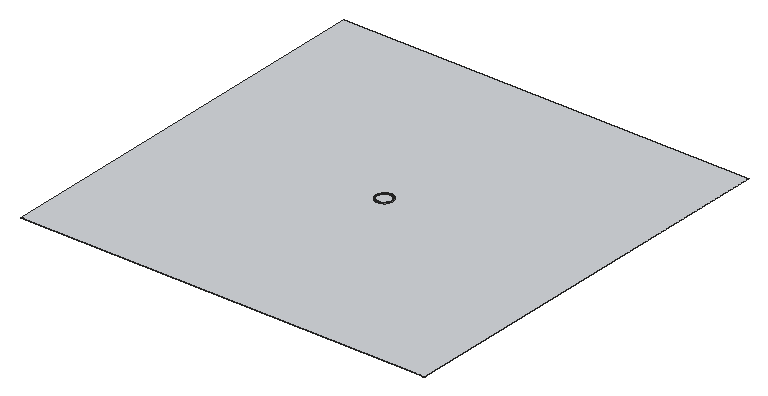
Revit family "LAMP_KOMBIC 100 ROUND IP40 CRI80 OPTIC", category Luminarias, Revit 2018
Family settings
  Anfitrión = Cara
  Cota de conector redondo = Diámetro de uso
  Tipo de pieza = Normal
  Corte con vacíos al cargar = No
  Origen de luz = Sí
  Compartido = No
  Punto de cálculo de habitación = No
Parameters (values of type "1205LM 3000K  BK/BK")
  Ángulo de inclinación = -90.00°
  Weight = 0.382 kg
  Wattage = 13.7 W
  UGR = "17"
  Type = "COB PHILIPS"
  built-in parameter 1150107 = 3000 (stored number, unit not read)
  Recessed diameter = 95 mm
  built-in parameter 1150110 = 1 (stored number, unit not read)
  built-in parameter 1150109 = 1 (stored number, unit not read)
  built-in parameter 1150112 = 1 (stored number, unit not read)
  built-in parameter 1150113 = 1 (stored number, unit not read)
  built-in parameter 1114218 = 1 (stored number, unit not read)
  Protection rating = "IP40"
  Product datasheet = "http://www.lamp.es/product-files/TECH/K11RD2040WF830NBB-EN.pdf"
  Product code = "K11RD2040WF830NBB"
  Product URL = "https://www.lamp.es/en/family/kombic-downlight_33313"
  Power Supply = "220-240V 50/60Hz"
  Power = 12 W
  Plum = 13.7 W
  built-in parameter 1150137 = (empty or 0)
  built-in parameter 1150132 = 2
  Modelo = Product code  # "K11RD2040WF830NBB"
  Material reflector = LAMP_PC Reflector Kombic Metalizado Negro
  Material optica = LAMP_PMMA Optica Kombic100
  Material disipador = LAMP_Aluminio Disipador Kombic
  Material difusor = LAMP_PMMA Difusor Kombic
  Material aro = LAMP_Plástico genérico NG
  Material COB = LAMP_COB
  Manufacturer name = "LAMP"
  Manufacturer country = "Spain"
  Manufacturer URL = "http://www.lamp.es/en"
  MacAdam = "3"
  Luminaire type = "Downlight"
  Last update = "14/07/2021"
  Lamp = "COB LED"
  LED Lifetime = "50.000 L80 B10"
  built-in parameter 1150105 = 1571.2 (stored number, unit not read)
  built-in parameter 1150102 = (empty or 0)
  Insulation class = "II"
  Installation instructions = "https://www.lamp.es/product-files/packed/by-family/33313_INS_all.zip"
  built-in parameter 1150106 = 15.712 (stored number, unit not read)
  IEE = "A+"
  Height = 75 mm
  Gear = "Electronic"
  Lumens = 1205.6 lm
  Finish = "Matte black RAL 9011"
  Color Filter = 16777215
  built-in parameter 1114217 = 1 (stored number, unit not read)
  built-in parameter 1150139 = (empty or 0)
  Fabricante = Manufacturer name  # "LAMP"
  Default Elevation = 1219.2 mm
  built-in parameter 1150104 = 8.1755 (stored number, unit not read)
  Efficacy = 88 lm/W
  Diameter = 99 mm
  built-in parameter 1150115 = 1 (stored number, unit not read)
  built-in parameter 1150114 = 1 (stored number, unit not read)
  built-in parameter 1150138 = (empty or 0)
  built-in parameter 1150134 = (empty or 0)
  Dimming Lamp Color Temperature Shift = (empty or 0)
  CRI = "80"
  Archivo de red fotométrica = "K11RD2040WF830NBB.IES"
  built-in parameter 1150133 = 10 (stored number, unit not read)
Types (16, lengths in mm): name | Wattage | UGR | built-in parameter 1150107 | Product datasheet | Product code | Power | Plum | Modelo | Material reflector | Material aro | LED Lifetime | built-in parameter 1150105 | built-in parameter 1150106 | Lumens | Finish | built-in parameter 1150104 | Efficacy | built-in parameter 1150134 | Archivo de red fotométrica
  1205LM 3000K  BK/BK | 13.7 W | "17" | 3000 (stored number, unit not read) | "http://www.lamp.es/product-files/TECH/K11RD2040WF830NBB-EN.pdf" | "K11RD2040WF830NBB" | 12 W | 13.7 W | "K11RD2040WF830NBB" | LAMP_PC Reflector Kombic Metalizado Negro | LAMP_Plástico genérico NG | "50.000 L80 B10" | 1571.2 (stored number, unit not read) | 15.712 (stored number, unit not read) | 1205.6 lm | "Matte black RAL 9011" | 8.1755 (stored number, unit not read) | 88 lm/W | (empty or 0) | "K11RD2040WF830NBB.IES"
  1205LM 3000K  BK/W | 13.7 W | "17" | 3000 (stored number, unit not read) | "http://www.lamp.es/product-files/TECH/K11RD2040WF830NBW-EN.pdf" | "K11RD2040WF830NBW" | 12 W | 13.7 W | "K11RD2040WF830NBW" | LAMP_PC Reflector Kombic Metalizado Negro | LAMP_Plástico genérico BL | "50.000 L80 B10" | 1571.2 (stored number, unit not read) | 15.712 (stored number, unit not read) | 1205.6 lm | "Shiny white RAL 9010" | 8.1755 (stored number, unit not read) | 88 lm/W | (empty or 0) | "K11RD2040WF830NBW.IES"
  1268LM 3000K  M/W | 13.7 W | "17" | 3000 (stored number, unit not read) | "http://www.lamp.es/product-files/TECH/K11RD2040WF830NMW-EN.pdf" | "K11RD2040WF830NMW" | 12 W | 13.7 W | "K11RD2040WF830NMW" | LAMP_PC Reflector Kombic Metalizado Mate | LAMP_Plástico genérico BL | "50.000 L80 B10" | 1651.6 (stored number, unit not read) | 16.516 (stored number, unit not read) | 1267.25 lm | "Shiny white RAL 9010" | 8.5935 (stored number, unit not read) | 92.5 lm/W | (empty or 0) | "K11RD2040WF830NMW.IES"
  1275LM 3000K  W/W | 13.7 W | "19" | 3000 (stored number, unit not read) | "http://www.lamp.es/product-files/TECH/K11RD2040WF830NWW-EN.pdf" | "K11RD2040WF830NWW" | 12 W | 13.7 W | "K11RD2040WF830NWW" | LAMP_PC Reflector Kombic Blanco | LAMP_Plástico genérico BL | "50.000 L80 B10" | 1662.3 (stored number, unit not read) | 16.623 (stored number, unit not read) | 1275.47 lm | "Matte white RAL 9010" | 8.6493 (stored number, unit not read) | 93.1 lm/W | (empty or 0) | "K11RD2040WF830NWW.IES"
  1277LM 4000K  BK/BK | 13.7 W | "17" | 4000 (stored number, unit not read) | "http://www.lamp.es/product-files/TECH/K11RD2040WF840NBB-EN.pdf" | "K11RD2040WF840NBB" | 12 W | 13.7 W | "K11RD2040WF840NBB" | LAMP_PC Reflector Kombic Metalizado Negro | LAMP_Plástico genérico NG | "50.000 L80 B10" | 1664.1 (stored number, unit not read) | 16.641 (stored number, unit not read) | 1276.84 lm | "Matte black RAL 9011" | 8.6586 (stored number, unit not read) | 93.2 lm/W | 12 | "K11RD2040WF840NBB.IES"
  1277LM 4000K  BK/W | 13.7 W | "17" | 4000 (stored number, unit not read) | "http://www.lamp.es/product-files/TECH/K11RD2040WF840NBW-EN.pdf" | "K11RD2040WF840NBW" | 12 W | 13.7 W | "K11RD2040WF840NBW" | LAMP_PC Reflector Kombic Metalizado Negro | LAMP_Plástico genérico BL | "50.000 L80 B10" | 1664.1 (stored number, unit not read) | 16.641 (stored number, unit not read) | 1276.84 lm | "Shiny white RAL 9010" | 8.6586 (stored number, unit not read) | 93.2 lm/W | 12 | "K11RD2040WF840NBW.IES"
  1343LM 4000K  M/W | 13.7 W | "17" | 4000 (stored number, unit not read) | "http://www.lamp.es/product-files/TECH/K11RD2040WF840NMW-EN.pdf" | "K11RD2040WF840NMW" | 12 W | 13.7 W | "K11RD2040WF840NMW" | LAMP_PC Reflector Kombic Metalizado Mate | LAMP_Plástico genérico BL | "50.000 L80 B10" | 1749.8 (stored number, unit not read) | 17.498 (stored number, unit not read) | 1342.6 lm | "Shiny white RAL 9010" | 9.1045 (stored number, unit not read) | 98 lm/W | 12 | "K11RD2040WF840NMW.IES"
  1351LM 4000K  W/W | 13.7 W | "19" | 4000 (stored number, unit not read) | "http://www.lamp.es/product-files/TECH/K11RD2040WF840NWW-EN.pdf" | "K11RD2040WF840NWW" | 12 W | 13.7 W | "K11RD2040WF840NWW" | LAMP_PC Reflector Kombic Blanco | LAMP_Plástico genérico BL | "50.000 L80 B10" | 1760.5 (stored number, unit not read) | 17.605 (stored number, unit not read) | 1350.82 lm | "Matte white RAL 9010" | 9.1602 (stored number, unit not read) | 98.6 lm/W | 12 | "K11RD2040WF840NWW.IES"
  1609LM 3000K  BK/BK | 19.8 W | "17" | 3000 (stored number, unit not read) | "http://www.lamp.es/product-files/TECH/K11RD2540WF830NBB-EN.pdf" | "K11RD2540WF830NBB" | 18 W | 19.8 W | "K11RD2540WF830NBB" | LAMP_PC Reflector Kombic Metalizado Negro | LAMP_Plástico genérico NG | "50.000 L70 B10" | 2095.4 (stored number, unit not read) | 20.954 (stored number, unit not read) | 1607.76 lm | "Matte black RAL 9011" | 7.5437 (stored number, unit not read) | 81.2 lm/W | (empty or 0) | "K11RD2540WF830NBB.IES"
  1609LM 3000K  BK/W | 19.8 W | "17" | 3000 (stored number, unit not read) | "http://www.lamp.es/product-files/TECH/K11RD2540WF830NBW-EN.pdf" | "K11RD2540WF830NBW" | 18 W | 19.8 W | "K11RD2540WF830NBW" | LAMP_PC Reflector Kombic Metalizado Negro | LAMP_Plástico genérico BL | "50.000 L70 B10" | 2095.4 (stored number, unit not read) | 20.954 (stored number, unit not read) | 1607.76 lm | "Shiny white RAL 9010" | 7.5437 (stored number, unit not read) | 81.2 lm/W | (empty or 0) | "K11RD2540WF830NBW.IES"
  1692LM 3000K  M/W | 19.8 W | "17" | 3000 (stored number, unit not read) | "http://www.lamp.es/product-files/TECH/K11RD2540WF830NMW-EN.pdf" | "K11RD2540WF830NMW" | 18 W | 19.8 W | "K11RD2540WF830NMW" | LAMP_PC Reflector Kombic Metalizado Mate | LAMP_Plástico genérico BL | "50.000 L70 B10" | 2203.7 (stored number, unit not read) | 22.037 (stored number, unit not read) | 1690.92 lm | "Shiny white RAL 9010" | 7.9339 (stored number, unit not read) | 85.4 lm/W | (empty or 0) | "K11RD2540WF830NMW.IES"
  1701LM 3000K  W/W | 19.8 W | "19" | 3000 (stored number, unit not read) | "http://www.lamp.es/product-files/TECH/K11RD2540WF830NWW-EN.pdf" | "K11RD2540WF830NWW" | 18 W | 19.8 W | "K11RD2540WF830NWW" | LAMP_PC Reflector Kombic Blanco | LAMP_Plástico genérico BL | "50.000 L70 B10" | 2216.7 (stored number, unit not read) | 22.167 (stored number, unit not read) | 1700.82 lm | "Matte white RAL 9010" | 7.9804 (stored number, unit not read) | 85.9 lm/W | (empty or 0) | "K11RD2540WF830NWW.IES"
  1704LM 4000K  BK/BK | 19.8 W | "17" | 4000 (stored number, unit not read) | "http://www.lamp.es/product-files/TECH/K11RD2540WF840NBB-EN.pdf" | "K11RD2540WF840NBB" | 18 W | 19.8 W | "K11RD2540WF840NBB" | LAMP_PC Reflector Kombic Metalizado Negro | LAMP_Plástico genérico NG | "50.000 L70 B10" | 2221.8 (stored number, unit not read) | 22.218 (stored number, unit not read) | 1704.78 lm | "Matte black RAL 9011" | 7.999 (stored number, unit not read) | 86.1 lm/W | 12 | "K11RD2540WF840NBB.IES"
  1704LM 4000K  BK/W | 19.8 W | "17" | 4000 (stored number, unit not read) | "http://www.lamp.es/product-files/TECH/K11RD2540WF840NBW-EN.pdf" | "K11RD2540WF840NBW" | 18 W | 19.8 W | "K11RD2540WF840NBW" | LAMP_PC Reflector Kombic Metalizado Negro | LAMP_Plástico genérico BL | "50.000 L70 B10" | 2221.8 (stored number, unit not read) | 22.218 (stored number, unit not read) | 1704.78 lm | "Shiny white RAL 9010" | 7.999 (stored number, unit not read) | 86.1 lm/W | 12 | "K11RD2540WF840NBW.IES"
  1792LM 4000K  M/W | 19.8 W | "17" | 4000 (stored number, unit not read) | "http://www.lamp.es/product-files/TECH/K11RD2540WF840NMW-EN.pdf" | "K11RD2540WF840NMW" | 18 W | 19.8 W | "K11RD2540WF840NMW" | LAMP_PC Reflector Kombic Metalizado Mate | LAMP_Plástico genérico BL | "50.000 L70 B10" | 2335.4 (stored number, unit not read) | 23.354 (stored number, unit not read) | 1791.9 lm | "Shiny white RAL 9010" | 8.4077 (stored number, unit not read) | 90.5 lm/W | 12 | "K11RD2540WF840NMW.IES"
  1802LM 4000K  W/W | 19.8 W | "19" | 4000 (stored number, unit not read) | "http://www.lamp.es/product-files/TECH/K11RD2540WF840NWW-EN.pdf" | "K11RD2540WF840NWW" | 18 W | 19.8 W | "K11RD2540WF840NWW" | LAMP_PC Reflector Kombic Blanco | LAMP_Plástico genérico BL | "50.000 L70 B10" | 2348.3 (stored number, unit not read) | 23.483 (stored number, unit not read) | 1801.8 lm | "Matte white RAL 9010" | 8.4542 (stored number, unit not read) | 91 lm/W | 12 | "K11RD2540WF840NWW.IES"
Reference planes
  plane 1 "Centro (Frontal/Posterior)": y = 0
  plane 2: z = 0
  plane 3 "Centro (Izquierda/Derecha)": x = 0
Forms (mm)
  Extrusion 1, solid
    sketch origin (0, 0, 0) x (1, 0, 0) y (0, 1, 0)
      loop
        line (-1219.2, 1219.2) -> (-1219.2, -1219.2) -> (1219.2, -1219.2) -> (1219.2, 1219.2) -> (-1219.2, 1219.2)
    from 0 to -1
  Revolve 2, solid, material "LAMP_Plástico genérico NG" <- "Material aro"
    sketch origin (0, 0, 1.5) x (-1, 0, 0) y (0, 0, -1)
      loop
        arc (37.791, 25.939) -> (31.498, 30.773) -> (23.839, 32.85) r 20.471
        line (23.839, 32.85) -> (23.839, 30.55)
        arc (23.839, 30.55) -> (39.935, 20.082) -> (44.765, 1.5) r 26.552
        line (44.765, 1.5) -> (43.765, 1.5) -> (43.765, 0) -> (49.506, 0) -> (49.506, 1.5) -> (46.246, 1.5)
        arc (46.246, 1.5) -> (44.417, 14.549) -> (37.791, 25.939) r 34.204
      axis (0, 32.85) -> (0, 0)
    angle from 0 to 360
  Revolve 3, solid, material "LAMP_Aluminio Disipador Kombic" <- "Material disipador"
    sketch origin (0, 0, 1.5) x (-1, 0, 0) y (0, 0, -1)
      loop
        line (0, 32.85) -> (46.5, 32.85) -> (46.5, 75.35) -> (0, 75.35) -> (0, 32.85)
      axis (0, 75.35) -> (0, 32.85)
    angle from 0 to 360
  Revolve 4, solid, material "LAMP_PC Reflector Kombic Metalizado Negro" <- "Material reflector"
    sketch origin (0, 0, 0) x (1, 0, 0) y (0, 0, 1)
      loop
        arc (-44.765, 0) -> (-39.935, -18.582) -> (-23.839, -29.05) r 26.552
        line (-23.839, -29.05) -> (-23.839, -28.081)
        arc (-23.839, -28.081) -> (-39.146, -17.832) -> (-43.765, 0) r 25.895
        line (-43.765, 0) -> (-44.765, 0)
      axis (0, 0) -> (0, -29.05)
    angle from 0 to 360
  Extrusion 5, solid, material "LAMP_COB" <- "Material COB"
    sketch origin (0, 0, 0) x (1, 0, 0) y (0, 1, 0)
      loop
        circle (0, 0) r 13
    from -31.35 to -30.4
  Blend 6, solid, material "LAMP_PMMA Optica Kombic100" <- "Material optica"
    base sketch origin (0, 0, 0) x (1, 0, 0) y (0, 1, 0)
      loop
        circle (0, 0) r 13
    top sketch origin (0, 0, 0) x (1, 0, 0) y (0, 1, 0)
      loop
        circle (0, 0) r 23.839
    from -31.35 to -28.081
Text (mm)
  text "Any modification of the parameters and properties of the LAMP BIM models must be executed and validated by the LAMP technical department.\nPhone: +34 93 736 68 00\nE-mail: lamp@lamp.es\n\nLAMP reserves the right to modify the technical specifications of its products." at (-2876.262, -5833.446, 1777.952), in view "Preview"
Dimensions and locks
  aligned and locked: plane 2 to Extrusion 1
  aligned and locked: level to Extrusion 1
Connectors
  electrical at (0, 0, -73.85)
    settings: on Revolve 3, index 1, voltage 230 V, apparent load 0 VA, apparent load phase1 0 VA, apparent load phase2 0 VA, apparent load phase3 0 VA, power factor 1, load classification "Otro", number of poles 1, system type 30, power factor state 1, is connector primary yes, connector utility no, sub classification motor no, connector description ""
